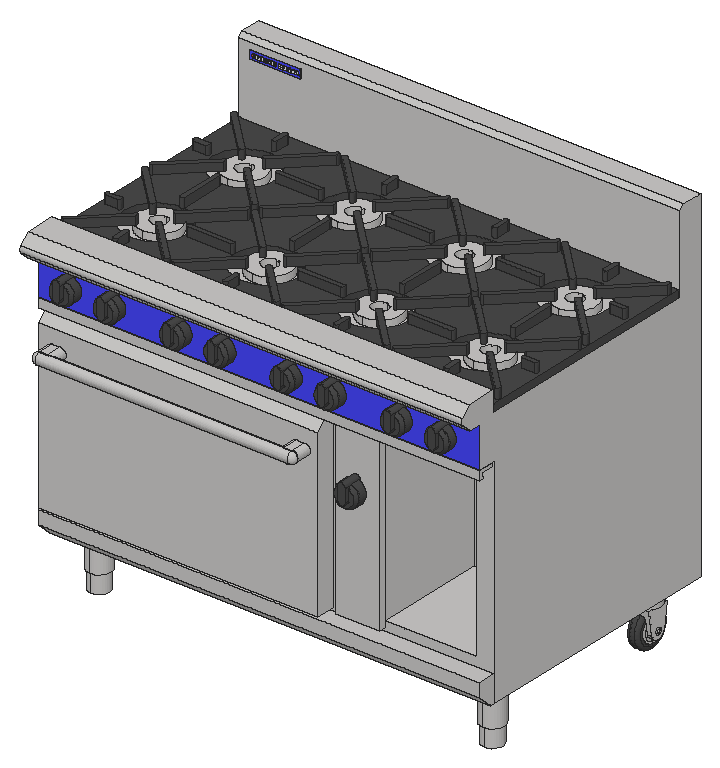
Revit family "QF_MOFFAT_BLUESEAL_CE_G508D", category Specialty Equipment, Revit 2012 (continued)
Lines and regions (mm)
  Split face 2
    outline origin (1200, 0, 1085) x (-1, 0, 0) y (0, -1, 0)
      loop
        arc (635.206, 45.185) -> (626.545, 40.185) -> (626.545, 30.185) r 10
        line (626.545, 30.185) -> (630.587, 23.185)
        arc (630.587, 23.185) -> (634.247, 19.525) -> (639.247, 18.185) r 10
        line (639.247, 18.185) -> (867.206, 18.185)
        arc (867.206, 18.185) -> (875.866, 23.185) -> (875.866, 33.185) r 10
        line (875.866, 33.185) -> (871.824, 40.185)
        arc (871.824, 40.185) -> (868.164, 43.845) -> (863.164, 45.185) r 10
        line (863.164, 45.185) -> (635.206, 45.185)
  Split face 3
    outline origin (1200, 0, 1085) x (-1, 0, 0) y (0, -1, 0)
      loop
        arc (335.206, 45.185) -> (326.545, 40.185) -> (326.545, 30.185) r 10
        line (326.545, 30.185) -> (330.587, 23.185)
        arc (330.587, 23.185) -> (334.247, 19.525) -> (339.247, 18.185) r 10
        line (339.247, 18.185) -> (567.206, 18.185)
        arc (567.206, 18.185) -> (575.866, 23.185) -> (575.866, 33.185) r 10
        line (575.866, 33.185) -> (571.824, 40.185)
        arc (571.824, 40.185) -> (568.164, 43.845) -> (563.164, 45.185) r 10
        line (563.164, 45.185) -> (335.206, 45.185)
  Split face 4
    outline origin (1200, 0, 1085) x (-1, 0, 0) y (0, -1, 0)
      loop
        arc (35.206, 45.185) -> (26.545, 40.185) -> (26.545, 30.185) r 10
        line (26.545, 30.185) -> (30.587, 23.185)
        arc (30.587, 23.185) -> (34.247, 19.525) -> (39.247, 18.185) r 10
        line (39.247, 18.185) -> (267.206, 18.185)
        arc (267.206, 18.185) -> (275.866, 23.185) -> (275.866, 33.185) r 10
        line (275.866, 33.185) -> (271.824, 40.185)
        arc (271.824, 40.185) -> (268.164, 43.845) -> (263.164, 45.185) r 10
        line (263.164, 45.185) -> (35.206, 45.185)
  symbolic lines
    curve 1: line (0, 0, 0) -> (0, -812, 0)
    curve 2: line (1200, 0, 0) -> (0, 0, 0)
    curve 3: line (1200, -812, 0) -> (1200, 0, 0)
    curve 4: line (0, -70, 0) -> (1200, -70, 0)
    curve 5: line (1200, -812, 0) -> (0, -812, 0)
    curve 6: line (1200, -708.3, 0) -> (0, -708.3, 0)
    curve 7: line (0, -705, 0) -> (1200, -705, 0)
    curve 8: line (1200, -72.734, 0) -> (0, -72.734, 0)
    curve 9: arc (22.65, -812, 0) -> (34.104, -822.278, 0) -> (48.889, -826.544, 0) r 34.455
    curve 10: line (48.889, -826.544, 0) -> (718.108, -826.544, 0)
    curve 11: arc (718.108, -826.544, 0) -> (732.653, -822.647, 0) -> (743.3, -812, 0) r 29.089
    curve 12: line (6.08, -94.387, 0) -> (121.515, -209.822, 0)
    curve 13: line (293.92, -94.387, 0) -> (178.485, -209.822, 0)
    curve 14: line (6.83, -379.864, 0) -> (121.515, -265.178, 0)
    curve 15: line (292.516, -379.21, 0) -> (178.485, -265.178, 0)
    curve 16: line (362.78, -237.81, 0) -> (237.78, -237.81, 0)
    curve 17: line (362.78, -537.81, 0) -> (237.78, -537.81, 0)
    curve 18: line (6.08, -398.155, 0) -> (121.515, -510.089, 0)
    curve 19: line (293.92, -398.155, 0) -> (178.485, -510.089, 0)
    curve 20: line (9.883, -677.078, 0) -> (121.515, -565.446, 0)
    curve 21: line (291.622, -678.583, 0) -> (178.485, -565.446, 0)
    curve 22: arc (150, -294.5, 0) -> (207, -237.5, 0) -> (150, -180.5, 0) r 57
    curve 23: arc (150, -180.5, 0) -> (93, -237.5, 0) -> (150, -294.5, 0) r 57
    curve 24: arc (150, -594.5, 0) -> (207, -537.5, 0) -> (150, -480.5, 0) r 57
    curve 25: arc (150, -480.5, 0) -> (93, -537.5, 0) -> (150, -594.5, 0) r 57
    curve 26: line (306.08, -94.387, 0) -> (421.515, -209.822, 0)
    curve 27: line (593.92, -94.387, 0) -> (478.485, -209.822, 0)
    curve 28: line (307.269, -379.424, 0) -> (421.515, -265.178, 0)
    curve 29: line (592.673, -379.366, 0) -> (478.485, -265.178, 0)
    curve 30: line (662.78, -237.81, 0) -> (537.78, -237.81, 0)
    curve 31: arc (450, -294.5, 0) -> (507, -237.5, 0) -> (450, -180.5, 0) r 57
    curve 32: arc (450, -180.5, 0) -> (393, -237.5, 0) -> (450, -294.5, 0) r 57
    curve 33: arc (750, -294.5, 0) -> (807, -237.5, 0) -> (750, -180.5, 0) r 57
    curve 34: arc (750, -180.5, 0) -> (693, -237.5, 0) -> (750, -294.5, 0) r 57
    curve 35: arc (1050, -294.5, 0) -> (1107, -237.5, 0) -> (1050, -180.5, 0) r 57
    curve 36: arc (1050, -180.5, 0) -> (993, -237.5, 0) -> (1050, -294.5, 0) r 57
    curve 37: line (606.08, -94.387, 0) -> (721.515, -209.822, 0)
    curve 38: line (893.92, -94.387, 0) -> (778.485, -209.822, 0)
    curve 39: line (607.348, -379.345, 0) -> (721.515, -265.178, 0)
    curve 40: line (893.92, -380.613, 0) -> (778.485, -265.178, 0)
    curve 41: line (962.78, -237.81, 0) -> (837.78, -237.81, 0)
    curve 42: line (906.08, -94.387, 0) -> (1021.515, -209.822, 0)
    curve 43: line (1193.92, -94.387, 0) -> (1078.485, -209.822, 0)
    curve 44: line (906.08, -380.613, 0) -> (1021.515, -265.178, 0)
    curve 45: line (1193.125, -379.818, 0) -> (1078.485, -265.178, 0)
    curve 46: line (906.08, -397.887, 0) -> (1021.392, -513.199, 0)
    curve 47: line (1193.92, -397.887, 0) -> (1079.019, -512.788, 0)
    curve 48: line (906.697, -679.996, 0) -> (1021.515, -565.178, 0)
    curve 49: line (1191.622, -678.316, 0) -> (1078.485, -565.178, 0)
    curve 50: line (306.08, -398.155, 0) -> (421.515, -510.089, 0)
    curve 51: line (593.92, -398.155, 0) -> (478.485, -510.089, 0)
    curve 52: line (308.378, -678.583, 0) -> (421.515, -565.446, 0)
    curve 53: line (593.555, -680.516, 0) -> (478.485, -565.446, 0)
    curve 54: line (606.08, -398.155, 0) -> (721.515, -510.089, 0)
    curve 55: line (893.92, -398.155, 0) -> (778.485, -510.089, 0)
    curve 56: line (607.19, -679.771, 0) -> (721.515, -565.446, 0)
    curve 57: line (893.088, -680.05, 0) -> (778.485, -565.446, 0)
    curve 58: line (149.618, -450.258, 0) -> (149.618, -325.258, 0)
    curve 59: line (449.618, -450.258, 0) -> (449.618, -325.258, 0)
    curve 60: line (749.618, -450.258, 0) -> (749.618, -325.258, 0)
    curve 61: line (1049.618, -450.258, 0) -> (1049.618, -325.258, 0)
    curve 62: line (662.78, -537.81, 0) -> (537.78, -537.81, 0)
    curve 63: line (962.78, -537.81, 0) -> (837.78, -537.81, 0)
    curve 64: line (149.197, -139.807, 0) -> (149.197, -94.807, 0)
    curve 65: line (149.197, -674.807, 0) -> (149.197, -634.807, 0)
    curve 66: line (449.197, -139.807, 0) -> (449.197, -94.807, 0)
    curve 67: line (449.197, -674.807, 0) -> (449.197, -634.807, 0)
    curve 68: line (749.197, -139.807, 0) -> (749.197, -94.807, 0)
    curve 69: line (749.197, -674.807, 0) -> (749.197, -634.807, 0)
    curve 70: line (1049.197, -139.807, 0) -> (1049.197, -94.807, 0)
    curve 71: line (1049.197, -674.807, 0) -> (1049.197, -634.807, 0)
    curve 72: line (49.678, -236.51, 0) -> (14.678, -236.51, 0)
    curve 73: line (49.678, -536.51, 0) -> (14.678, -536.51, 0)
    curve 74: arc (450, -594.5, 0) -> (507, -537.5, 0) -> (450, -480.5, 0) r 57
    curve 75: arc (450, -480.5, 0) -> (393, -537.5, 0) -> (450, -594.5, 0) r 57
    curve 76: arc (750, -480.5, 0) -> (693, -537.5, 0) -> (750, -594.5, 0) r 57
    curve 77: arc (750, -594.5, 0) -> (807, -537.5, 0) -> (750, -480.5, 0) r 57
    curve 78: arc (1050, -480.5, 0) -> (993, -537.5, 0) -> (1050, -594.5, 0) r 57
    curve 79: arc (1050, -594.5, 0) -> (1107, -537.5, 0) -> (1050, -480.5, 0) r 57
    curve 80: line (1150.322, -236.51, 0) -> (1185.322, -236.51, 0)
    curve 81: line (1150.322, -536.51, 0) -> (1185.322, -536.51, 0)
    curve 85: arc (150, -322.5, 0) -> (65, -237.5, 0) -> (150, -152.5, 0) r 85
    curve 86: arc (150, -152.5, 0) -> (235, -237.5, 0) -> (150, -322.5, 0) r 85
    curve 87: arc (450, -322.5, 0) -> (365, -237.5, 0) -> (450, -152.5, 0) r 85
    curve 88: arc (450, -152.5, 0) -> (535, -237.5, 0) -> (450, -322.5, 0) r 85
    curve 89: arc (150, -452.768, 0) -> (235, -537.768, 0) -> (150, -622.768, 0) r 85
    curve 90: arc (150, -622.768, 0) -> (65, -537.768, 0) -> (150, -452.768, 0) r 85
    curve 91: arc (450, -622.768, 0) -> (365, -537.768, 0) -> (450, -452.768, 0) r 85
    curve 92: arc (450, -452.768, 0) -> (535, -537.768, 0) -> (450, -622.768, 0) r 85
    curve 93: arc (750, -322.5, 0) -> (665, -237.5, 0) -> (750, -152.5, 0) r 85
    curve 94: arc (750, -152.5, 0) -> (835, -237.5, 0) -> (750, -322.5, 0) r 85
    curve 95: arc (1050, -322.5, 0) -> (965, -237.5, 0) -> (1050, -152.5, 0) r 85
    curve 96: arc (1050, -152.5, 0) -> (1135, -237.5, 0) -> (1050, -322.5, 0) r 85
    curve 97: arc (750, -452.768, 0) -> (835, -537.768, 0) -> (750, -622.768, 0) r 85
    curve 98: arc (750, -622.768, 0) -> (665, -537.768, 0) -> (750, -452.768, 0) r 85
    curve 99: arc (1050, -622.768, 0) -> (965, -537.768, 0) -> (1050, -452.768, 0) r 85
    curve 100: arc (1050, -452.768, 0) -> (1135, -537.768, 0) -> (1050, -622.768, 0) r 85
    curve 101: line (300.232, -72.734, 0) -> (300.232, -705, 0)
    curve 102: line (0, -390.308, 0) -> (1200, -390.308, 0)
    curve 103: line (600, -72.734, 0) -> (600, -705, 0)
    curve 104: line (900, -72.734, 0) -> (900, -705, 0)
    curve 105: arc (150, -215.5, 0) -> (172, -237.5, 0) -> (150, -259.5, 0) r 22
    curve 106: arc (150, -259.5, 0) -> (128, -237.5, 0) -> (150, -215.5, 0) r 22
    curve 107: arc (450, -215.5, 0) -> (472, -237.5, 0) -> (450, -259.5, 0) r 22
    curve 108: arc (450, -259.5, 0) -> (428, -237.5, 0) -> (450, -215.5, 0) r 22
    curve 109: arc (750, -215.5, 0) -> (772, -237.5, 0) -> (750, -259.5, 0) r 22
    curve 110: arc (750, -259.5, 0) -> (728, -237.5, 0) -> (750, -215.5, 0) r 22
    curve 111: arc (1050, -259.5, 0) -> (1028, -237.5, 0) -> (1050, -215.5, 0) r 22
    curve 112: arc (1050, -215.5, 0) -> (1072, -237.5, 0) -> (1050, -259.5, 0) r 22
    curve 113: arc (150, -515.5, 0) -> (172, -537.5, 0) -> (150, -559.5, 0) r 22
    curve 114: arc (150, -559.5, 0) -> (128, -537.5, 0) -> (150, -515.5, 0) r 22
    curve 115: arc (450, -515.5, 0) -> (472, -537.5, 0) -> (450, -559.5, 0) r 22
    curve 116: arc (450, -559.5, 0) -> (428, -537.5, 0) -> (450, -515.5, 0) r 22
    curve 117: arc (750, -515.5, 0) -> (772, -537.5, 0) -> (750, -559.5, 0) r 22
    curve 118: arc (750, -559.5, 0) -> (728, -537.5, 0) -> (750, -515.5, 0) r 22
    curve 119: arc (1050, -515.5, 0) -> (1072, -537.5, 0) -> (1050, -559.5, 0) r 22
    curve 120: arc (1050, -559.5, 0) -> (1028, -537.5, 0) -> (1050, -515.5, 0) r 22
    curve 121: line (1160.753, -18.185, 0) -> (932.794, -18.185, 0)
    curve 122: arc (932.794, -18.185, 0) -> (924.134, -23.185, 0) -> (924.134, -33.185, 0) r 10
    curve 123: line (924.134, -33.185, 0) -> (928.176, -40.185, 0)
    curve 124: arc (928.176, -40.185, 0) -> (931.836, -43.845, 0) -> (936.836, -45.185, 0) r 10
    curve 125: line (936.836, -45.185, 0) -> (1164.794, -45.185, 0)
    curve 126: arc (1164.794, -45.185, 0) -> (1173.455, -40.185, 0) -> (1173.455, -30.185, 0) r 10
    curve 127: line (1173.455, -30.185, 0) -> (1169.413, -23.185, 0)
    curve 128: arc (1169.413, -23.185, 0) -> (1165.753, -19.525, 0) -> (1160.753, -18.185, 0) r 10
    curve 129: line (632.794, -18.185, 0) -> (860.753, -18.185, 0)
    curve 130: arc (860.753, -18.185, 0) -> (865.753, -19.525, 0) -> (869.413, -23.185, 0) r 10
    curve 131: line (869.413, -23.185, 0) -> (873.455, -30.185, 0)
    curve 132: arc (873.455, -30.185, 0) -> (873.455, -40.185, 0) -> (864.794, -45.185, 0) r 10
    curve 133: line (864.794, -45.185, 0) -> (636.836, -45.185, 0)
    curve 134: arc (636.836, -45.185, 0) -> (631.836, -43.845, 0) -> (628.176, -40.185, 0) r 10
    curve 135: line (628.176, -40.185, 0) -> (624.134, -33.185, 0)
    curve 136: arc (624.134, -33.185, 0) -> (624.134, -23.185, 0) -> (632.794, -18.185, 0) r 10
    curve 137: line (332.794, -18.185, 0) -> (560.753, -18.185, 0)
    curve 138: arc (560.753, -18.185, 0) -> (565.753, -19.525, 0) -> (569.413, -23.185, 0) r 10
    curve 139: line (569.413, -23.185, 0) -> (573.455, -30.185, 0)
    curve 140: arc (573.455, -30.185, 0) -> (573.455, -40.185, 0) -> (564.794, -45.185, 0) r 10
    curve 141: line (564.794, -45.185, 0) -> (336.836, -45.185, 0)
    curve 142: arc (336.836, -45.185, 0) -> (331.836, -43.845, 0) -> (328.176, -40.185, 0) r 10
    curve 143: line (328.176, -40.185, 0) -> (324.134, -33.185, 0)
    curve 144: arc (324.134, -33.185, 0) -> (324.134, -23.185, 0) -> (332.794, -18.185, 0) r 10
    curve 145: line (260.753, -18.185, 0) -> (32.794, -18.185, 0)
    curve 146: arc (32.794, -18.185, 0) -> (24.134, -23.185, 0) -> (24.134, -33.185, 0) r 10
    curve 147: line (24.134, -33.185, 0) -> (28.176, -40.185, 0)
    curve 148: arc (28.176, -40.185, 0) -> (31.836, -43.845, 0) -> (36.836, -45.185, 0) r 10
    curve 149: line (36.836, -45.185, 0) -> (264.794, -45.185, 0)
    curve 150: arc (264.794, -45.185, 0) -> (273.455, -40.185, 0) -> (273.455, -30.185, 0) r 10
    curve 151: line (273.455, -30.185, 0) -> (269.413, -23.185, 0)
    curve 152: arc (269.413, -23.185, 0) -> (265.753, -19.525, 0) -> (260.753, -18.185, 0) r 10
    curve 153: line (0, -57.5, 0) -> (1200, -57.5, 0)
    curve 154: line (0, -783.97, 0) -> (1200, -783.97, 0)
  symbolic lines, style "QF_Door-Drawer Clearances", visible <- "Show Clearance"
    curve 82: line (0, -1218.847, 0) -> (760, -1218.847, 0)
    curve 83: line (760, -1218.847, 0) -> (760, -812, 0)
    curve 84: line (0, -1218.847, 0) -> (0, -812, 0)
Dimensions and locks
  equal spacing: plane 3 "LEFT", plane 7 "Center Y", plane 4 "RIGHT"
  "Width": plane 3 "LEFT" to plane 4 "RIGHT"
  equal spacing: plane 5 "FRONT", plane 8 "Center X", plane 1 "BACK"
  plane 5 "FRONT" to plane 1 "BACK" = 812 mm  (x2)
  equal spacing: plane 4 "RIGHT", plane 7 "Center Y", plane 3 "LEFT"
  plane 4 "RIGHT" to plane 3 "LEFT" = 1200 mm
  "Height": plane 6 "TOP" to level
  plane 10 to plane 1 "BACK" = 574.272 mm
  plane 12 to plane 1 "BACK" = 304.972 mm  (x2)
  plane 11 to plane 3 "LEFT" = 60 mm
  plane 14 to plane 3 "LEFT" = 74 mm
  plane 9 to plane 3 "LEFT" = 280 mm
  "Depth": plane 1 "BACK" to plane 15
  plane 5 "FRONT" to plane 15 = 0 mm
  plane 6 "TOP" to plane 2 = 970 mm
  locked: plane 2 to Extrusion 1 sketch curve at 861.8
  locked: plane 2 to Extrusion 1 sketch curve at 915
  locked: plane 4 "RIGHT" to plane 16 at 65.5
  Extrusion 8 sketch curve to plane 20 = 64.8 mm
  plane 21 to level = 1085 mm
  Revolve 36 sketch curve to Revolve 36 sketch curve = 50.8 mm
  Revolve 40 sketch curve to Revolve 40 sketch curve = 50.8 mm
  aligned and locked: level to plane 2
  aligned and locked: curve 3 to plane 4 "RIGHT"
  aligned and locked: Extrusion 1 to plane 4 "RIGHT"
  aligned and locked: plane 16 to Revolve 4
  aligned and locked: plane 4 "RIGHT" to Extrusion 8 sketch curve
  aligned and locked: Extrusion 28 to Extrusion 2
Automatic sketch dimensions
  Extrusion 2 sketch curve to Extrusion 2 sketch curve = 24 mm  (x2)
  Extrusion 2 sketch curve to Extrusion 2 sketch curve = 50 mm
  level to Extrusion 2 sketch curve = 227.5 mm
  Extrusion 3 sketch curve to Extrusion 3 sketch curve = 15 mm
  level to Extrusion 3 sketch curve = 227.5 mm
  Revolve 4 sketch curve to level = 0 mm
  Revolve 4 sketch curve to plane 10 = 82.478 mm
  Revolve 4 sketch curve to Revolve 4 sketch curve = 4.25 mm
  Revolve 4 sketch curve to Revolve 4 sketch curve = 27.5 mm  (x2)
  level to Revolve 4 sketch curve = 50 mm
  Revolve 4 sketch curve to Revolve 4 sketch curve = 0 mm
  Revolve 4 sketch curve to Revolve 4 sketch curve = 100 mm
  Revolve 4 sketch curve to Revolve 4 sketch curve = 55 mm
  Revolve 5 sketch curve to level = 0 mm
  Revolve 5 sketch curve to plane 10 = 82.478 mm
  Revolve 5 sketch curve to Revolve 5 sketch curve = 4.25 mm
  Revolve 5 sketch curve to Revolve 5 sketch curve = 27.5 mm  (x2)
  Revolve 5 sketch curve to level = 55 mm
  Revolve 5 sketch curve to Revolve 5 sketch curve = 50 mm
  Revolve 5 sketch curve to Revolve 5 sketch curve = 0 mm
  Revolve 5 sketch curve to Revolve 5 sketch curve = 100 mm
  plane 17 to Extrusion 6 sketch curve = 0 mm
  Extrusion 6 sketch curve to plane 16 = 64.5 mm
  Revolve 10 sketch curve to plane 5 "FRONT" = 19 mm
  Revolve 10 sketch curve to Revolve 10 sketch curve = 0 mm  (x2)
  Revolve 10 sketch curve to Revolve 10 sketch curve = 11 mm
  Revolve 10 sketch curve to Revolve 10 sketch curve = 12.7 mm
  Revolve 10 sketch curve to Revolve 10 sketch curve = 23 mm
  Revolve 10 sketch curve to Revolve 10 sketch curve = 10 mm
  plane 18 to Revolve 10 sketch curve = 141.882 mm
  Revolve 10 sketch curve to Revolve 10 sketch curve = 5 mm
  Revolve 10 sketch curve to Revolve 10 sketch curve = 26.651 mm
  Revolve 10 sketch curve to Revolve 10 sketch curve = 5.849 mm
  Revolve 11 sketch curve to plane 5 "FRONT" = 19 mm
  Revolve 11 sketch curve to Revolve 11 sketch curve = 0 mm  (x2)
  Revolve 11 sketch curve to Revolve 11 sketch curve = 11 mm
  Revolve 11 sketch curve to Revolve 11 sketch curve = 12.7 mm
  Revolve 11 sketch curve to Revolve 11 sketch curve = 23 mm
  Revolve 11 sketch curve to Revolve 11 sketch curve = 10 mm
  plane 18 to Revolve 11 sketch curve = 141.882 mm
  Revolve 11 sketch curve to Revolve 11 sketch curve = 5 mm
  Revolve 11 sketch curve to Revolve 11 sketch curve = 26.651 mm
  Revolve 11 sketch curve to Revolve 11 sketch curve = 5.849 mm
  Revolve 12 sketch curve to plane 5 "FRONT" = 19 mm
  Revolve 12 sketch curve to Revolve 12 sketch curve = 0 mm  (x2)
  Revolve 12 sketch curve to Revolve 12 sketch curve = 11 mm
  Revolve 12 sketch curve to Revolve 12 sketch curve = 12.7 mm
  Revolve 12 sketch curve to Revolve 12 sketch curve = 23 mm
  Revolve 12 sketch curve to Revolve 12 sketch curve = 10 mm
  plane 18 to Revolve 12 sketch curve = 174.382 mm
  Revolve 12 sketch curve to Revolve 12 sketch curve = 5.849 mm
  Revolve 12 sketch curve to Revolve 12 sketch curve = 27.5 mm
  Revolve 12 sketch curve to Revolve 12 sketch curve = 5 mm
  Revolve 13 sketch curve to plane 5 "FRONT" = 19 mm
  Revolve 13 sketch curve to Revolve 13 sketch curve = 0 mm  (x2)
  Revolve 13 sketch curve to Revolve 13 sketch curve = 11 mm
  Revolve 13 sketch curve to Revolve 13 sketch curve = 12.7 mm
  Revolve 13 sketch curve to Revolve 13 sketch curve = 23 mm
  Revolve 13 sketch curve to Revolve 13 sketch curve = 10 mm
  plane 18 to Revolve 13 sketch curve = 174.382 mm
  Revolve 13 sketch curve to Revolve 13 sketch curve = 5.849 mm
  Revolve 13 sketch curve to Revolve 13 sketch curve = 27.5 mm
  Revolve 13 sketch curve to Revolve 13 sketch curve = 5 mm
  Revolve 14 sketch curve to plane 5 "FRONT" = 19 mm
  Revolve 14 sketch curve to Revolve 14 sketch curve = 0 mm  (x2)
  Revolve 14 sketch curve to Revolve 14 sketch curve = 11 mm
  Revolve 14 sketch curve to Revolve 14 sketch curve = 12.7 mm
  Revolve 14 sketch curve to Revolve 14 sketch curve = 23 mm
  Revolve 14 sketch curve to Revolve 14 sketch curve = 10 mm
  plane 18 to Revolve 14 sketch curve = 174.382 mm
  Revolve 14 sketch curve to Revolve 14 sketch curve = 5.849 mm
  Revolve 14 sketch curve to Revolve 14 sketch curve = 27.5 mm
  Revolve 14 sketch curve to Revolve 14 sketch curve = 5 mm
  Revolve 15 sketch curve to plane 5 "FRONT" = 19 mm
  Revolve 15 sketch curve to Revolve 15 sketch curve = 0 mm  (x2)
  Revolve 15 sketch curve to Revolve 15 sketch curve = 11 mm
  Revolve 15 sketch curve to Revolve 15 sketch curve = 12.7 mm
  Revolve 15 sketch curve to Revolve 15 sketch curve = 23 mm
  Revolve 15 sketch curve to Revolve 15 sketch curve = 10 mm
  plane 18 to Revolve 15 sketch curve = 174.382 mm
  Revolve 15 sketch curve to Revolve 15 sketch curve = 5.849 mm
  Revolve 15 sketch curve to Revolve 15 sketch curve = 27.5 mm
  Revolve 15 sketch curve to Revolve 15 sketch curve = 5 mm
  Revolve 16 sketch curve to plane 5 "FRONT" = 19 mm
  Revolve 16 sketch curve to Revolve 16 sketch curve = 0 mm  (x2)
  Revolve 16 sketch curve to Revolve 16 sketch curve = 11 mm
  Revolve 16 sketch curve to Revolve 16 sketch curve = 12.7 mm
  Revolve 16 sketch curve to Revolve 16 sketch curve = 23 mm
  Revolve 16 sketch curve to Revolve 16 sketch curve = 10 mm
  plane 18 to Revolve 16 sketch curve = 141.882 mm
  Revolve 16 sketch curve to Revolve 16 sketch curve = 5 mm
  Revolve 16 sketch curve to Revolve 16 sketch curve = 26.651 mm
  Revolve 16 sketch curve to Revolve 16 sketch curve = 5.849 mm
  Revolve 17 sketch curve to plane 5 "FRONT" = 19 mm
  Revolve 17 sketch curve to Revolve 17 sketch curve = 0 mm  (x2)
  Revolve 17 sketch curve to Revolve 17 sketch curve = 11 mm
  Revolve 17 sketch curve to Revolve 17 sketch curve = 12.7 mm
  Revolve 17 sketch curve to Revolve 17 sketch curve = 23 mm
  Revolve 17 sketch curve to Revolve 17 sketch curve = 10 mm
  plane 18 to Revolve 17 sketch curve = 141.882 mm
  Revolve 17 sketch curve to Revolve 17 sketch curve = 5 mm
  Revolve 17 sketch curve to Revolve 17 sketch curve = 26.651 mm
  Revolve 17 sketch curve to Revolve 17 sketch curve = 5.849 mm
  plane 14 to Extrusion 18 sketch curve = 26.156 mm
  plane 14 to Extrusion 18 sketch curve = 16.156 mm
  plane 18 to Extrusion 18 sketch curve = 168.882 mm
  Extrusion 18 sketch curve to Extrusion 18 sketch curve = 35 mm
  Extrusion 19 sketch curve to plane 9 = 59.844 mm
  Extrusion 19 sketch curve to Extrusion 19 sketch curve = 10 mm
  plane 18 to Extrusion 19 sketch curve = 168.882 mm
  Extrusion 19 sketch curve to Extrusion 19 sketch curve = 35 mm
  plane 9 to Extrusion 20 sketch curve = 120.132 mm
  Extrusion 20 sketch curve to Extrusion 20 sketch curve = 10 mm
  plane 18 to Extrusion 20 sketch curve = 168.882 mm
  Extrusion 20 sketch curve to Extrusion 20 sketch curve = 35 mm
  Extrusion 21 sketch curve to plane 7 "Center Y" = 79.868 mm
  Extrusion 21 sketch curve to Extrusion 21 sketch curve = 10 mm
  plane 18 to Extrusion 21 sketch curve = 168.882 mm
  Extrusion 21 sketch curve to Extrusion 21 sketch curve = 35 mm
  plane 7 "Center Y" to Extrusion 22 sketch curve = 100.108 mm
  Extrusion 22 sketch curve to Extrusion 22 sketch curve = 10 mm
  plane 18 to Extrusion 22 sketch curve = 168.882 mm
  Extrusion 22 sketch curve to Extrusion 22 sketch curve = 35 mm
  plane 7 "Center Y" to Extrusion 23 sketch curve = 220.108 mm
  Extrusion 23 sketch curve to Extrusion 23 sketch curve = 10 mm
  plane 18 to Extrusion 23 sketch curve = 168.882 mm
  Extrusion 23 sketch curve to Extrusion 23 sketch curve = 35 mm
  Extrusion 24 sketch curve to plane 16 = 134.417 mm
  Extrusion 24 sketch curve to Extrusion 24 sketch curve = 10 mm
  plane 18 to Extrusion 24 sketch curve = 168.882 mm
  Extrusion 24 sketch curve to Extrusion 24 sketch curve = 35 mm
  Extrusion 25 sketch curve to plane 16 = 14.417 mm
  Extrusion 25 sketch curve to Extrusion 25 sketch curve = 10 mm
  plane 18 to Extrusion 25 sketch curve = 168.882 mm
  Extrusion 25 sketch curve to Extrusion 25 sketch curve = 35 mm
  Revolve 26 sketch curve to plane 5 "FRONT" = 54.5 mm
  Revolve 26 sketch curve to Revolve 26 sketch curve = 0 mm  (x2)
  Revolve 26 sketch curve to Revolve 26 sketch curve = 11 mm
  Revolve 26 sketch curve to Revolve 26 sketch curve = 12.7 mm
  Revolve 26 sketch curve to Revolve 26 sketch curve = 23 mm
  Revolve 26 sketch curve to Revolve 26 sketch curve = 10 mm
  Revolve 26 sketch curve to plane 18 = 104.368 mm
  Revolve 26 sketch curve to Revolve 26 sketch curve = 5 mm
  Revolve 26 sketch curve to Revolve 26 sketch curve = 26.651 mm
  Revolve 26 sketch curve to Revolve 26 sketch curve = 5.849 mm
  plane 7 "Center Y" to Extrusion 27 sketch curve = 227.344 mm
  Extrusion 27 sketch curve to Extrusion 27 sketch curve = 10 mm
  Extrusion 27 sketch curve to plane 18 = 112.368 mm
  Extrusion 27 sketch curve to Extrusion 27 sketch curve = 35 mm
  Extrusion 7 sketch curve to Extrusion 1 = 50 mm
  Extrusion 1 to Extrusion 7 sketch curve = 60.219 mm
  Extrusion 1 to Extrusion 7 sketch curve = 96 mm
  Extrusion 7 sketch curve to Extrusion 7 sketch curve = 250 mm
  Extrusion 9 sketch curve to plane 17 = 61.602 mm  (x5)
  Extrusion 9 sketch curve to Extrusion 9 sketch curve = 0 mm  (x23)
  plane 3 "LEFT" to Extrusion 9 sketch curve = 15.153 mm
  Extrusion 9 sketch curve to plane 7 "Center Y" = 15.153 mm  (x2)
  plane 7 "Center Y" to Extrusion 9 sketch curve = 15.153 mm
  plane 4 "RIGHT" to Extrusion 9 sketch curve = 15.153 mm  (x2)
  plane 9 to Extrusion 9 sketch curve = 4.847 mm  (x3)
  Extrusion 9 sketch curve to Extrusion 9 sketch curve = 4.525 mm  (x48)
  Extrusion 9 sketch curve to plane 17 = 67.398 mm  (x4)
  Extrusion 9 sketch curve to Extrusion 9 sketch curve = 36.204 mm  (x8)
  Extrusion 9 sketch curve to Extrusion 9 sketch curve = 65.923 mm  (x4)
  plane 3 "LEFT" to Extrusion 9 sketch curve = 16.591 mm  (x2)
  plane 12 to Extrusion 9 sketch curve = 74.863 mm  (x2)
  plane 4 "RIGHT" to Extrusion 9 sketch curve = 15.648 mm  (x2)
  Extrusion 9 sketch curve to Extrusion 9 sketch curve = 20.524 mm  (x13)
  Extrusion 9 sketch curve to Extrusion 9 sketch curve = 6.4 mm  (x22)
  plane 12 to Extrusion 9 sketch curve = 40.548 mm  (x8)
  Extrusion 9 sketch curve to plane 12 = 24.426 mm  (x4)
  Extrusion 9 sketch curve to plane 13 = 7.374 mm  (x8)
  plane 8 "Center X" to Extrusion 9 sketch curve = 8.898 mm  (x8)
  plane 8 "Center X" to Extrusion 9 sketch curve = 4.372 mm  (x8)
  Extrusion 9 sketch curve to plane 8 "Center X" = 43.102 mm  (x4)
  Extrusion 9 sketch curve to Extrusion 9 sketch curve = 55.923 mm  (x12)
  plane 10 to Extrusion 9 sketch curve = 43.646 mm  (x2)
  Extrusion 9 sketch curve to plane 11 = 9.416 mm  (x2)
  plane 10 to Extrusion 9 sketch curve = 43.172 mm  (x3)
  plane 10 to Extrusion 9 sketch curve = 9.848 mm  (x8)
  plane 10 to Extrusion 9 sketch curve = 5.323 mm  (x8)
  Extrusion 9 sketch curve to plane 10 = 65.126 mm  (x4)
  plane 9 to Extrusion 9 sketch curve = 13.898 mm
  Extrusion 9 sketch curve to plane 10 = 98.074 mm  (x5)
  plane 7 "Center Y" to Extrusion 9 sketch curve = 6.102 mm  (x3)
  plane 4 "RIGHT" to Extrusion 9 sketch curve = 6.102 mm
  plane 9 to Extrusion 9 sketch curve = 26.102 mm
  Extrusion 9 sketch curve to plane 7 "Center Y" = 6.102 mm
  plane 3 "LEFT" to Extrusion 9 sketch curve = 6.102 mm  (x3)
  plane 14 to Extrusion 9 sketch curve = 40.025 mm  (x4)
  plane 14 to Extrusion 9 sketch curve = 69.6 mm
  Extrusion 9 sketch curve to Extrusion 9 sketch curve = 53.847 mm  (x16)
  Extrusion 9 sketch curve to plane 9 = 38.102 mm  (x2)
  Extrusion 9 sketch curve to Extrusion 9 sketch curve = 12.205 mm  (x7)
  plane 9 to Extrusion 9 sketch curve = 78.102 mm  (x2)
  Extrusion 9 sketch curve to plane 7 "Center Y" = 58.102 mm  (x2)
  plane 7 "Center Y" to Extrusion 9 sketch curve = 58.102 mm  (x2)
  Extrusion 9 sketch curve to Extrusion 9 sketch curve = 128.447 mm  (x3)
  Extrusion 9 sketch curve to Extrusion 9 sketch curve = 116.204 mm  (x2)
  Extrusion 9 sketch curve to plane 16 = 90.9 mm
  plane 16 to Extrusion 9 sketch curve = 15.859 mm  (x2)
  Extrusion 28 sketch curve to Extrusion 2 = 0 mm  (x2)
  Extrusion 28 sketch curve to Extrusion 28 sketch curve = 469.847 mm
  Extrusion 29 sketch curve to plane 16 = 0.512 mm
  Extrusion 29 sketch curve to Extrusion 29 sketch curve = 81 mm
  Extrusion 29 sketch curve to plane 17 = 6.76 mm
  Extrusion 29 sketch curve to Extrusion 29 sketch curve = 48.5 mm
  Extrusion 29 sketch curve to plane 1 "BACK" = 30.24 mm
  Extrusion 29 sketch curve to plane 17 = 55.26 mm
  Extrusion 3 sketch curve to plane 5 "FRONT" = 98 mm
  plane 18 to Extrusion 3 sketch curve = 45 mm
  Extrusion 30 sketch curve to plane 11 = 1.472 mm
  Extrusion 30 sketch curve to plane 18 = 46.875 mm  (x2)
  Extrusion 30 sketch curve to Extrusion 30 sketch curve = 15 mm  (x2)
  plane 7 "Center Y" to Extrusion 30 sketch curve = 102.757 mm
  Extrusion 30 sketch curve to Extrusion 30 sketch curve = 20.282 mm  (x2)
  Revolve 31 sketch curve to plane 3 "LEFT" = 6.961 mm
  plane 3 "LEFT" to Revolve 31 sketch curve = 23.246 mm
  Revolve 31 sketch curve to plane 18 = 16.875 mm
  Revolve 31 sketch curve to Revolve 31 sketch curve = 15 mm
  Revolve 31 sketch curve to plane 7 "Center Y" = 11.961 mm
  plane 7 "Center Y" to Revolve 31 sketch curve = 123.039 mm
  Revolve 31 sketch curve to Revolve 31 sketch curve = 0 mm
  Extrusion 32 sketch curve to Extrusion 32 sketch curve = 0 mm  (x17)
  Extrusion 1 to Extrusion 32 sketch curve = 167.5 mm  (x4)
  Extrusion 32 sketch curve to Extrusion 1 = 178.5 mm  (x4)
  Extrusion 1 to Extrusion 32 sketch curve = 150 mm  (x4)
  Extrusion 32 sketch curve to Extrusion 32 sketch curve = 300 mm  (x3)
  curve 22 to curve 106 = 0 mm
  curve 23 to curve 85 = 0 mm
  curve 23 to curve 86 = 0 mm
  curve 24 to curve 113 = 0 mm
  curve 24 to curve 114 = 0 mm
  curve 31 to curve 107 = 0 mm
  curve 32 to curve 88 = 0 mm  (x2)
  curve 33 to curve 93 = 0 mm
  curve 34 to curve 94 = 0 mm
  curve 34 to curve 109 = 0 mm
  curve 35 to curve 95 = 0 mm
  curve 36 to curve 95 = 0 mm
  curve 36 to curve 111 = 0 mm
  curve 75 to curve 116 = 0 mm  (x2)
  curve 77 to curve 117 = 0 mm
  curve 77 to curve 118 = 0 mm
  curve 78 to curve 119 = 0 mm
  curve 79 to curve 120 = 0 mm
  curve 85 to curve 106 = 0 mm
  curve 87 to curve 108 = 0 mm
  curve 94 to curve 110 = 0 mm
  curve 95 to curve 112 = 0 mm
  plane 1 "BACK" to curve 1 = 0 mm
  curve 1 to plane 3 "LEFT" = 0 mm
  plane 5 "FRONT" to curve 9 = 0 mm
  plane 22 to curve 101 = 0 mm
  curve 103 to plane 7 "Center Y" = 0 mm
  plane 3 "LEFT" to curve 12 = 6.08 mm
  plane 3 "LEFT" to curve 18 = 6.08 mm
  plane 3 "LEFT" to curve 14 = 6.83 mm
  plane 3 "LEFT" to curve 20 = 9.883 mm
  plane 3 "LEFT" to curve 73 = 14.678 mm
  plane 3 "LEFT" to curve 72 = 14.678 mm
  plane 3 "LEFT" to curve 9 = 22.65 mm
  curve 10 to plane 11 = 11.111 mm
  curve 72 to plane 11 = 10.322 mm
  curve 73 to plane 11 = 10.322 mm
  curve 9 to plane 11 = 9.192 mm
  plane 14 to curve 12 = 47.515 mm
  plane 14 to curve 18 = 47.515 mm
  plane 14 to curve 14 = 47.515 mm
  plane 10 to curve 20 = 8.826 mm
  plane 14 to curve 20 = 47.515 mm
  curve 65 to plane 22 = 30.193 mm
  plane 14 to curve 65 = 75.197 mm
  plane 14 to curve 64 = 75.197 mm
  curve 18 to curve 58 = 28.103 mm
  plane 10 to curve 113 = 14.772 mm
  curve 20 to curve 113 = 28.485 mm
  curve 12 to curve 105 = 28.485 mm
  curve 58 to curve 90 = 0.382 mm
  plane 12 to curve 15 = 39.794 mm
  curve 105 to curve 15 = 28.485 mm
  curve 105 to curve 13 = 28.485 mm
  curve 113 to curve 19 = 28.485 mm
  plane 10 to curve 21 = 8.826 mm
  curve 114 to curve 21 = 28.485 mm
  curve 17 to plane 9 = 42.22 mm
  curve 16 to plane 9 = 42.22 mm
  plane 9 to curve 21 = 11.622 mm
  plane 9 to curve 15 = 12.516 mm
  plane 9 to curve 19 = 13.92 mm
  plane 9 to curve 13 = 13.92 mm
  plane 9 to curve 101 = 20.232 mm
  curve 13 to curve 26 = 12.16 mm
  plane 8 "Center X" to curve 50 = 7.845 mm
  curve 19 to curve 50 = 12.16 mm
  curve 15 to curve 28 = 14.753 mm
  curve 21 to curve 52 = 16.756 mm
  plane 9 to curve 16 = 82.78 mm
  plane 10 to curve 17 = 36.462 mm
  plane 9 to curve 17 = 82.78 mm
  plane 10 to curve 52 = 8.826 mm
  curve 17 to curve 52 = 58.735 mm
  curve 16 to curve 26 = 58.735 mm
  plane 12 to curve 28 = 39.794 mm
  curve 28 to curve 26 = 0 mm
  plane 10 to curve 50 = 64.183 mm
  curve 50 to curve 52 = 0 mm
  curve 26 to curve 66 = 27.682 mm
  curve 52 to curve 67 = 27.682 mm
  curve 59 to plane 12 = 20.285 mm
  curve 28 to curve 59 = 28.103 mm
  plane 10 to curve 115 = 14.772 mm
  curve 52 to curve 115 = 28.485 mm
  curve 26 to curve 108 = 28.485 mm
  curve 67 to curve 92 = 0.803 mm
  curve 115 to curve 51 = 28.485 mm
  plane 10 to curve 53 = 8.826 mm
  curve 115 to curve 53 = 28.485 mm
  plane 12 to curve 29 = 39.794 mm
  curve 107 to curve 29 = 28.485 mm
  curve 108 to curve 27 = 28.485 mm
  curve 62 to plane 7 "Center Y" = 62.22 mm
  curve 30 to plane 7 "Center Y" = 62.22 mm
  curve 29 to plane 7 "Center Y" = 7.327 mm
  curve 53 to plane 7 "Center Y" = 6.445 mm
  curve 27 to plane 7 "Center Y" = 6.08 mm
  curve 51 to plane 7 "Center Y" = 6.08 mm
  plane 7 "Center Y" to curve 37 = 6.08 mm
  plane 7 "Center Y" to curve 54 = 6.08 mm
  plane 7 "Center Y" to curve 56 = 7.19 mm
  plane 7 "Center Y" to curve 39 = 7.348 mm
  plane 7 "Center Y" to curve 30 = 62.78 mm
  plane 7 "Center Y" to curve 62 = 62.78 mm
  curve 11 to plane 5 "FRONT" = 14.544 mm
  plane 7 "Center Y" to curve 11 = 118.108 mm
  plane 10 to curve 56 = 8.826 mm
  curve 62 to curve 56 = 58.735 mm
  curve 54 to curve 56 = 0 mm
  plane 12 to curve 39 = 39.794 mm
  curve 30 to curve 39 = 58.735 mm
  curve 37 to curve 39 = 0 mm
  curve 11 to curve 11 = 25.191 mm
  curve 56 to curve 69 = 27.682 mm
  curve 37 to curve 68 = 27.682 mm
  curve 54 to curve 60 = 28.103 mm
  curve 54 to curve 77 = 28.485 mm
  curve 60 to curve 98 = 0.382 mm
  curve 39 to curve 109 = 28.485 mm
  plane 7 "Center Y" to curve 82 = 160 mm
  plane 10 to curve 55 = 64.183 mm
  curve 118 to curve 55 = 28.485 mm
  plane 12 to curve 40 = 39.794 mm
  curve 109 to curve 40 = 28.485 mm
  curve 109 to curve 38 = 28.485 mm
  plane 10 to curve 57 = 8.826 mm
  curve 118 to curve 57 = 28.485 mm
  curve 57 to curve 63 = 59.295 mm
  curve 40 to curve 41 = 59.295 mm
  curve 57 to plane 22 = 24.95 mm
  curve 69 to curve 57 = 143.891 mm
  plane 8 "Center X" to curve 55 = 7.845 mm
  curve 63 to curve 55 = 56.14 mm
  curve 40 to plane 13 = 15.641 mm
  curve 40 to curve 55 = 0 mm
  curve 38 to plane 17 = 62.387 mm
  curve 68 to curve 38 = 144.723 mm
  curve 38 to curve 104 = 6.08 mm
  curve 42 to plane 17 = 62.387 mm
  curve 38 to curve 42 = 12.16 mm
  curve 44 to plane 13 = 15.641 mm
  curve 40 to curve 44 = 12.16 mm
  plane 8 "Center X" to curve 46 = 8.113 mm
  curve 55 to curve 46 = 12.16 mm
  curve 48 to plane 22 = 25.004 mm
  curve 57 to curve 48 = 13.609 mm
  curve 41 to curve 41 = 125 mm
  plane 10 to curve 63 = 36.462 mm
  curve 63 to curve 63 = 125 mm
  curve 63 to curve 46 = 58.612 mm
  plane 10 to curve 48 = 9.094 mm
  curve 46 to curve 48 = 0.123 mm
  curve 41 to curve 42 = 58.735 mm
  plane 12 to curve 44 = 39.794 mm
  curve 44 to curve 42 = 0 mm
  curve 71 to plane 22 = 30.193 mm
  curve 71 to plane 16 = 85.303 mm
  curve 42 to curve 70 = 27.682 mm
  curve 61 to plane 12 = 20.285 mm
  curve 44 to curve 61 = 28.103 mm
  curve 71 to curve 100 = 0.803 mm
  curve 78 to curve 99 = 0 mm
  curve 61 to curve 96 = 0.382 mm
  curve 111 to curve 43 = 28.485 mm
  plane 10 to curve 49 = 9.094 mm
  curve 119 to curve 49 = 28.485 mm
  curve 111 to curve 45 = 28.485 mm
  curve 119 to curve 47 = 29.019 mm
  plane 16 to curve 80 = 15.822 mm
  plane 16 to curve 81 = 15.822 mm
  plane 4 "RIGHT" to curve 80 = 14.678 mm
  plane 4 "RIGHT" to curve 81 = 14.678 mm
  plane 4 "RIGHT" to curve 49 = 8.378 mm
  plane 4 "RIGHT" to curve 45 = 6.875 mm
  plane 4 "RIGHT" to curve 43 = 6.08 mm
  plane 4 "RIGHT" to curve 47 = 6.08 mm
  curve 82 to curve 10 = 392.303 mm
  plane 22 to curve 6 = 3.3 mm
  curve 53 to plane 22 = 24.484 mm
  curve 53 to curve 56 = 0.745 mm
  curve 21 to plane 22 = 26.417 mm
  curve 21 to curve 52 = 0 mm
  curve 49 to plane 22 = 26.684 mm
  curve 20 to plane 22 = 27.922 mm
  curve 69 to plane 22 = 30.193 mm
  curve 67 to plane 22 = 30.193 mm
  curve 67 to curve 67 = 40 mm
  curve 69 to curve 69 = 40 mm
  curve 71 to curve 71 = 40 mm
  curve 65 to curve 65 = 40 mm
  curve 69 to curve 98 = 12.039 mm
  curve 67 to curve 92 = 12.039 mm
  curve 65 to curve 90 = 12.039 mm
  curve 71 to curve 99 = 12.039 mm
  curve 75 to plane 10 = 20.228 mm
  curve 76 to plane 10 = 20.228 mm
  curve 24 to plane 10 = 20.228 mm
  curve 78 to plane 10 = 20.228 mm
  plane 10 to curve 119 = 14.772 mm
  plane 10 to curve 117 = 14.772 mm
  plane 10 to curve 62 = 36.462 mm
  curve 119 to curve 99 = 21.732 mm
  curve 113 to curve 90 = 21.732 mm
  curve 115 to curve 92 = 21.732 mm
  curve 117 to curve 97 = 21.732 mm
  curve 91 to curve 75 = 0.268 mm
  curve 99 to curve 79 = 0.268 mm
  curve 97 to curve 76 = 0.268 mm
  curve 89 to curve 113 = 0.268 mm
  plane 10 to curve 73 = 37.763 mm
  plane 10 to curve 81 = 37.763 mm
  curve 119 to curve 46 = 2.301 mm
  curve 119 to curve 47 = 2.712 mm
  curve 113 to curve 18 = 5.411 mm
  curve 117 to curve 54 = 5.411 mm
  curve 113 to curve 19 = 5.411 mm
  curve 115 to curve 51 = 5.411 mm
  curve 99 to curve 61 = 2.51 mm
  curve 91 to curve 59 = 2.51 mm
  curve 97 to curve 60 = 2.51 mm
  curve 89 to curve 58 = 2.51 mm
  plane 8 "Center X" to curve 18 = 7.845 mm
  plane 8 "Center X" to curve 54 = 7.845 mm
  plane 8 "Center X" to curve 51 = 7.845 mm
  plane 8 "Center X" to curve 19 = 7.845 mm
  plane 8 "Center X" to curve 47 = 8.113 mm
  curve 47 to curve 102 = 7.578 mm
  curve 102 to curve 14 = 10.445 mm
  curve 102 to curve 45 = 10.49 mm
  curve 28 to plane 13 = 14.452 mm
  curve 29 to plane 13 = 14.394 mm
  curve 39 to plane 13 = 14.373 mm
  curve 15 to plane 13 = 14.238 mm
  curve 58 to plane 12 = 20.285 mm
  curve 60 to plane 12 = 20.285 mm
  curve 59 to curve 88 = 2.758 mm
  curve 61 to curve 96 = 2.758 mm
  curve 60 to curve 94 = 2.758 mm
  curve 58 to curve 86 = 2.758 mm
  plane 12 to curve 34 = 10.472 mm
  plane 12 to curve 32 = 10.472 mm
  plane 12 to curve 36 = 10.472 mm
  plane 12 to curve 22 = 10.472 mm
  plane 12 to curve 45 = 39.794 mm
  plane 12 to curve 14 = 39.794 mm
  curve 45 to curve 112 = 5.678 mm
  curve 29 to curve 108 = 5.678 mm
  curve 40 to curve 109 = 5.678 mm
  curve 15 to curve 105 = 5.678 mm
  curve 39 to curve 30 = 27.368 mm
  curve 15 to curve 16 = 27.368 mm
  curve 44 to curve 41 = 27.368 mm
  curve 108 to curve 31 = 22 mm
  curve 105 to curve 106 = 22 mm
  curve 109 to curve 93 = 22 mm
  curve 111 to curve 112 = 22 mm
  plane 12 to curve 72 = 68.463 mm
  plane 12 to curve 80 = 68.463 mm
  curve 110 to curve 37 = 5.678 mm
  curve 105 to curve 13 = 5.678 mm
  curve 108 to curve 27 = 5.678 mm
  curve 108 to curve 26 = 5.678 mm
  curve 111 to curve 42 = 5.678 mm
  curve 111 to curve 43 = 5.678 mm
  curve 109 to curve 38 = 5.678 mm
  curve 106 to curve 12 = 5.678 mm
  curve 94 to curve 68 = 12.693 mm
  curve 87 to curve 66 = 12.693 mm
  curve 85 to curve 64 = 12.693 mm
  curve 96 to curve 70 = 12.693 mm
  curve 66 to curve 66 = 45 mm
  curve 68 to curve 68 = 45 mm
  curve 70 to curve 70 = 45 mm
  curve 64 to curve 64 = 45 mm
  curve 43 to plane 17 = 62.387 mm
  curve 26 to plane 17 = 62.387 mm
  curve 13 to curve 26 = 0 mm
  curve 12 to plane 17 = 62.387 mm
  curve 27 to plane 17 = 62.387 mm
  curve 27 to curve 37 = 0 mm
  curve 37 to curve 103 = 21.653 mm
  curve 8 to curve 4 = 2.734 mm
  plane 22 to Extrusion 8 sketch curve = 0 mm
  Extrusion 8 sketch curve to plane 22 = 3 mm  (x2)
  plane 10 to Extrusion 8 sketch curve = 36.504 mm  (x4)
  plane 12 to Extrusion 8 sketch curve = 67.472 mm  (x4)
  Extrusion 8 sketch curve to plane 17 = 42 mm  (x2)
  plane 4 "RIGHT" to Extrusion 8 sketch curve = 3 mm
  plane 14 to Extrusion 8 sketch curve = 76 mm  (x2)
  Extrusion 8 sketch curve to plane 7 "Center Y" = 150 mm  (x2)
  plane 7 "Center Y" to Extrusion 8 sketch curve = 150 mm  (x2)
  Extrusion 8 sketch curve to plane 16 = 84.5 mm  (x2)
  Split face 1 sketch curve to cut or joined group of Extrusion 1, Extrusion 7, Extrusion 29 = 27.315 mm
  Split face 1 sketch curve to cut or joined group of Extrusion 1, Extrusion 7, Extrusion 29 = 926.545 mm
  Split face 1 sketch curve to cut or joined group of Extrusion 1, Extrusion 7, Extrusion 29 = 23.185 mm
  Split face 1 sketch curve to Split face 1 sketch curve = 4.041 mm  (x4)
  Split face 1 sketch curve to Split face 1 sketch curve = 8.66 mm  (x2)
  Split face 1 sketch curve to cut or joined group of Extrusion 1, Extrusion 7, Extrusion 29 = 22.315 mm
  Split face 1 sketch curve to Split face 1 sketch curve = 223.917 mm
  Split face 1 sketch curve to cut or joined group of Extrusion 1, Extrusion 7, Extrusion 29 = 17.315 mm
  Split face 1 sketch curve to Split face 1 sketch curve = 17 mm
  Split face 1 sketch curve to Split face 1 sketch curve = 7 mm
  Split face 2 sketch curve to cut or joined group of Extrusion 1, Extrusion 7, Extrusion 29 = 27.315 mm
  Split face 2 sketch curve to cut or joined group of Extrusion 1, Extrusion 7, Extrusion 29 = 626.545 mm
  Split face 2 sketch curve to cut or joined group of Extrusion 1, Extrusion 7, Extrusion 29 = 23.185 mm
  Split face 2 sketch curve to Split face 2 sketch curve = 4.041 mm  (x4)
  Split face 2 sketch curve to Split face 2 sketch curve = 8.66 mm  (x2)
  Split face 2 sketch curve to cut or joined group of Extrusion 1, Extrusion 7, Extrusion 29 = 22.315 mm
  Split face 2 sketch curve to Split face 2 sketch curve = 223.917 mm
  Split face 2 sketch curve to cut or joined group of Extrusion 1, Extrusion 7, Extrusion 29 = 17.315 mm
  Split face 2 sketch curve to Split face 2 sketch curve = 17 mm
  Split face 2 sketch curve to Split face 2 sketch curve = 7 mm
  Split face 3 sketch curve to cut or joined group of Extrusion 1, Extrusion 7, Extrusion 29 = 27.315 mm
  Split face 3 sketch curve to cut or joined group of Extrusion 1, Extrusion 7, Extrusion 29 = 326.545 mm
  Split face 3 sketch curve to cut or joined group of Extrusion 1, Extrusion 7, Extrusion 29 = 23.185 mm
  Split face 3 sketch curve to Split face 3 sketch curve = 4.041 mm  (x4)
  Split face 3 sketch curve to Split face 3 sketch curve = 8.66 mm  (x2)
  Split face 3 sketch curve to cut or joined group of Extrusion 1, Extrusion 7, Extrusion 29 = 22.315 mm
  Split face 3 sketch curve to Split face 3 sketch curve = 223.917 mm
  Split face 3 sketch curve to cut or joined group of Extrusion 1, Extrusion 7, Extrusion 29 = 17.315 mm
  Split face 3 sketch curve to Split face 3 sketch curve = 17 mm
  Split face 3 sketch curve to Split face 3 sketch curve = 7 mm
  Split face 4 sketch curve to cut or joined group of Extrusion 1, Extrusion 7, Extrusion 29 = 27.315 mm
  Split face 4 sketch curve to cut or joined group of Extrusion 1, Extrusion 7, Extrusion 29 = 26.545 mm
  Split face 4 sketch curve to cut or joined group of Extrusion 1, Extrusion 7, Extrusion 29 = 23.185 mm
  Split face 4 sketch curve to Split face 4 sketch curve = 4.041 mm  (x4)
  Split face 4 sketch curve to Split face 4 sketch curve = 8.66 mm  (x2)
  Split face 4 sketch curve to cut or joined group of Extrusion 1, Extrusion 7, Extrusion 29 = 22.315 mm
  Split face 4 sketch curve to Split face 4 sketch curve = 223.917 mm
  Split face 4 sketch curve to cut or joined group of Extrusion 1, Extrusion 7, Extrusion 29 = 17.315 mm
  Split face 4 sketch curve to Split face 4 sketch curve = 17 mm
  Split face 4 sketch curve to Split face 4 sketch curve = 7 mm
  curve 122 to plane 17 = 1.185 mm
  curve 104 to curve 122 = 24.134 mm
  curve 123 to plane 17 = 8.185 mm
  curve 123 to curve 123 = 4.041 mm
  curve 122 to curve 122 = 8.66 mm
  curve 124 to curve 124 = 8.66 mm
  plane 17 to curve 128 = 3.815 mm
  plane 16 to curve 128 = 26.253 mm
  curve 126 to plane 17 = 3.185 mm
  curve 128 to curve 126 = 4.041 mm
  plane 17 to curve 127 = 8.815 mm
  curve 128 to curve 127 = 8.66 mm
  plane 17 to curve 126 = 1.815 mm
  curve 127 to curve 126 = 4.041 mm
  curve 136 to plane 17 = 1.185 mm
  plane 7 "Center Y" to curve 136 = 24.134 mm
  curve 136 to curve 134 = 4.041 mm
  plane 17 to curve 136 = 3.815 mm
  curve 136 to curve 136 = 8.66 mm
  curve 134 to curve 134 = 8.66 mm
  curve 130 to curve 123 = 63.381 mm
  curve 132 to plane 17 = 3.185 mm
  curve 130 to curve 132 = 4.041 mm  (x2)
  plane 17 to curve 131 = 8.815 mm
  curve 130 to curve 131 = 8.66 mm
  plane 17 to curve 132 = 1.815 mm
  curve 134 to curve 136 = 7 mm
  curve 143 to plane 17 = 1.185 mm
  plane 9 to curve 143 = 44.134 mm
  curve 143 to plane 17 = 8.185 mm
  curve 143 to curve 143 = 4.041 mm
  plane 17 to curve 137 = 13.815 mm
  curve 144 to curve 137 = 8.66 mm
  curve 142 to plane 17 = 3.185 mm
  curve 144 to curve 142 = 4.041 mm
  curve 138 to plane 7 "Center Y" = 39.247 mm
  curve 138 to curve 140 = 4.041 mm  (x2)
  plane 17 to curve 139 = 8.815 mm
  curve 138 to curve 139 = 8.66 mm
  plane 17 to curve 140 = 1.815 mm
  curve 147 to plane 17 = 1.185 mm
  plane 3 "LEFT" to curve 147 = 24.134 mm
  curve 146 to curve 148 = 4.041 mm
  curve 146 to curve 145 = 8.66 mm
  curve 148 to curve 148 = 8.66 mm
  plane 17 to curve 152 = 3.815 mm
  curve 152 to plane 9 = 19.247 mm
  curve 149 to plane 9 = 15.206 mm
  curve 152 to curve 151 = 8.66 mm
  plane 17 to curve 151 = 1.815 mm
  curve 151 to plane 9 = 6.545 mm
  curve 150 to plane 17 = 13.185 mm
  curve 147 to curve 146 = 7 mm
  plane 17 to curve 146 = 3.815 mm
  Extrusion 33 sketch curve to plane 23 = 0 mm
  Extrusion 33 sketch curve to plane 23 = 19.393 mm
  Extrusion 33 sketch curve to plane 23 = 31.75 mm
  plane 23 to Extrusion 33 sketch curve = 19.393 mm
  plane 23 to Extrusion 33 sketch curve = 31.75 mm
  level to Extrusion 33 sketch curve = 45.111 mm
  Extrusion 33 sketch curve to Extrusion 33 sketch curve = 4.889 mm
  Extrusion 33 sketch curve to Extrusion 33 sketch curve = 64.889 mm
  Revolve 34 sketch curve to plane 23 = 0 mm  (x2)
  Revolve 34 sketch curve to plane 23 = 35.75 mm
  Revolve 34 sketch curve to level = 55 mm
  level to Revolve 34 sketch curve = 50 mm
  Revolve 34 sketch curve to Revolve 34 sketch curve = 60 mm
  Revolve 34 sketch curve to Revolve 34 sketch curve = 40 mm
  Revolve 35 sketch curve to plane 23 = 0 mm  (x2)
  Revolve 35 sketch curve to plane 23 = 35.75 mm
  level to Revolve 35 sketch curve = 150 mm
  Revolve 35 sketch curve to Revolve 35 sketch curve = 40 mm
  level to Revolve 35 sketch curve = 50 mm
  Revolve 35 sketch curve to level = 55 mm
  level to Revolve 36 sketch curve = 50.8 mm
  plane 7 "Center Y" to Revolve 36 sketch curve = 500.118 mm
  Revolve 36 sketch curve to Revolve 36 sketch curve = 1.27 mm  (x4)
  Revolve 36 sketch curve to Revolve 36 sketch curve = 1.524 mm  (x2)
  Revolve 36 sketch curve to Revolve 36 sketch curve = 12.146 mm  (x2)
  Revolve 36 sketch curve to Revolve 36 sketch curve = 2.762 mm
  Revolve 36 sketch curve to Revolve 36 sketch curve = 0.794 mm  (x2)
  level to Revolve 36 sketch curve = 71.128 mm
  Revolve 36 sketch curve to Revolve 36 sketch curve = 3.57 mm
  level to Revolve 36 sketch curve = 79.375 mm  (x2)
  Revolve 36 sketch curve to Revolve 36 sketch curve = 2.143 mm
  Revolve 36 sketch curve to Revolve 36 sketch curve = 9.525 mm
  Revolve 36 sketch curve to Revolve 36 sketch curve = 24.572 mm
  Revolve 36 sketch curve to Revolve 36 sketch curve = 12.7 mm
  Revolve 36 sketch curve to Revolve 36 sketch curve = 8.176 mm
  Revolve 36 sketch curve to Revolve 36 sketch curve = 1.349 mm  (x2)
  level to Revolve 36 sketch curve = 71.039 mm
  Revolve 36 sketch curve to Revolve 36 sketch curve = 3.556 mm
  level to Revolve 36 sketch curve = 55.575 mm
  Revolve 36 sketch curve to Revolve 36 sketch curve = 33.32 mm
  Revolve 36 sketch curve to Revolve 36 sketch curve = 20.239 mm
  Revolve 36 sketch curve to Revolve 36 sketch curve = 3.505 mm
  Revolve 36 sketch curve to Revolve 36 sketch curve = 3.447 mm  (x2)
  Revolve 36 sketch curve to Revolve 36 sketch curve = 2.053 mm
  Revolve 36 sketch curve to Revolve 36 sketch curve = 2.061 mm
  Revolve 36 sketch curve to Revolve 36 sketch curve = 6.35 mm  (x2)
  Extrusion 37 sketch curve to plane 23 = 0 mm
  Extrusion 37 sketch curve to plane 23 = 19.393 mm
  Extrusion 37 sketch curve to plane 23 = 31.75 mm
  plane 23 to Extrusion 37 sketch curve = 19.393 mm
  plane 23 to Extrusion 37 sketch curve = 31.75 mm
  level to Extrusion 37 sketch curve = 45.111 mm
  Extrusion 37 sketch curve to Extrusion 37 sketch curve = 4.889 mm
  Extrusion 37 sketch curve to Extrusion 37 sketch curve = 64.889 mm
  Revolve 38 sketch curve to level = 0 mm
  Revolve 38 sketch curve to plane 23 = 0 mm  (x2)
  Revolve 38 sketch curve to Revolve 38 sketch curve = 27.5 mm
  Revolve 38 sketch curve to Revolve 38 sketch curve = 31.75 mm
  Revolve 38 sketch curve to level = 55 mm
  Revolve 38 sketch curve to Revolve 38 sketch curve = 50 mm
  Revolve 38 sketch curve to Revolve 38 sketch curve = 0 mm
  Revolve 38 sketch curve to Revolve 38 sketch curve = 100 mm
  Revolve 39 sketch curve to level = 0 mm
  Revolve 39 sketch curve to plane 23 = 0 mm  (x2)
  Revolve 39 sketch curve to Revolve 39 sketch curve = 27.5 mm
  Revolve 39 sketch curve to Revolve 39 sketch curve = 31.75 mm
  level to Revolve 39 sketch curve = 50 mm
  Revolve 39 sketch curve to Revolve 39 sketch curve = 0 mm
  Revolve 39 sketch curve to Revolve 39 sketch curve = 100 mm
  Revolve 39 sketch curve to Revolve 39 sketch curve = 55 mm
  plane 14 to Revolve 40 sketch curve = 25.382 mm
  Revolve 40 sketch curve to Revolve 40 sketch curve = 1.27 mm  (x4)
  Revolve 40 sketch curve to Revolve 40 sketch curve = 1.524 mm  (x2)
  plane 14 to Revolve 40 sketch curve = 10.442 mm
  plane 14 to Revolve 40 sketch curve = 7.68 mm
  Revolve 40 sketch curve to Revolve 40 sketch curve = 0.794 mm  (x2)
  Revolve 40 sketch curve to Revolve 40 sketch curve = 3.57 mm
  Revolve 40 sketch curve to Revolve 40 sketch curve = 2.143 mm
  Revolve 40 sketch curve to plane 14 = 2.639 mm
  Revolve 40 sketch curve to plane 11 = 0.13 mm
  Revolve 40 sketch curve to plane 11 = 1.339 mm
  Revolve 40 sketch curve to plane 11 = 9.515 mm
  Revolve 40 sketch curve to Revolve 40 sketch curve = 1.349 mm  (x2)
  Revolve 40 sketch curve to Revolve 40 sketch curve = 3.556 mm
  Revolve 40 sketch curve to Revolve 40 sketch curve = 12.146 mm
  Revolve 40 sketch curve to plane 3 "LEFT" = 2.68 mm
  level to Revolve 40 sketch curve = 101.6 mm
  Revolve 40 sketch curve to Revolve 40 sketch curve = 6.35 mm  (x4)
  Revolve 40 sketch curve to Revolve 40 sketch curve = 8.247 mm
  Revolve 40 sketch curve to Revolve 40 sketch curve = 8.336 mm
  Revolve 40 sketch curve to Revolve 40 sketch curve = 2.061 mm
  Revolve 40 sketch curve to Revolve 40 sketch curve = 2.053 mm
  Revolve 40 sketch curve to Revolve 40 sketch curve = 10.045 mm
  Revolve 40 sketch curve to Revolve 40 sketch curve = 9.964 mm
  Revolve 40 sketch curve to Revolve 40 sketch curve = 3.447 mm  (x2)
  Revolve 40 sketch curve to Revolve 40 sketch curve = 3.505 mm
  curve 4 to curve 153 = 12.5 mm
  curve 154 to plane 5 "FRONT" = 28.03 mm
  Extrusion 1 sketch curve to plane 22 = 0 mm
  Extrusion 1 sketch curve to plane 21 = 0 mm
  Extrusion 1 sketch curve to plane 1 "BACK" = 0 mm
  plane 22 to Extrusion 1 sketch curve = 2.93 mm
  plane 22 to Extrusion 1 sketch curve = 35.224 mm
  Extrusion 1 sketch curve to Extrusion 1 sketch curve = 2.389 mm
  Extrusion 1 sketch curve to Extrusion 1 sketch curve = 6.387 mm
  Extrusion 1 sketch curve to Extrusion 1 sketch curve = 0 mm  (x2)
  Extrusion 1 sketch curve to plane 5 "FRONT" = 28.03 mm
  Extrusion 1 sketch curve to plane 5 "FRONT" = 27.03 mm
  Extrusion 1 sketch curve to plane 5 "FRONT" = 11.991 mm
  Extrusion 1 sketch curve to plane 5 "FRONT" = 3.51 mm  (x2)
  Extrusion 1 sketch curve to plane 22 = 6 mm
  Extrusion 1 sketch curve to plane 21 = 12.5 mm
  plane 23 to Extrusion 1 sketch curve = 30 mm
  Extrusion 1 sketch curve to Extrusion 1 sketch curve = 12.5 mm
  Extrusion 1 sketch curve to Extrusion 1 sketch curve = 11.8 mm
  plane 18 to Extrusion 1 sketch curve = 85 mm
  Extrusion 1 sketch curve to Extrusion 1 sketch curve = 2.216 mm
  Extrusion 1 sketch curve to Extrusion 1 sketch curve = 7.004 mm
  Extrusion 1 sketch curve to Extrusion 1 sketch curve = 16.999 mm
  Extrusion 1 sketch curve to Extrusion 1 sketch curve = 36.5 mm
  Extrusion 1 sketch curve to Extrusion 1 sketch curve = 23.52 mm
  Extrusion 1 sketch curve to Extrusion 1 sketch curve = 8.48 mm
  plane 22 to Extrusion 1 sketch curve = 44 mm
  Extrusion 1 sketch curve to plane 22 = 1.8 mm
  Extrusion 1 sketch curve to Extrusion 1 sketch curve = 36 mm
  level to Extrusion 1 sketch curve = 150 mm
  plane 22 to Extrusion 1 sketch curve = 8 mm
  plane 22 to Extrusion 2 sketch curve = 44 mm
  plane 18 to Extrusion 2 sketch curve = 21 mm
  radius of Extrusion 6 sketch curve = 10 mm
  radius of Extrusion 32 sketch curve = 57 mm  (x8)
  radius of Extrusion 32 sketch curve = 22 mm  (x8)
  radius of Extrusion 8 sketch curve = 85 mm  (x8)
Nested families
  nested 1: "WALDORF LOGO_FACE BASE" at (32, -70, 1056.385) x (1, 0, 0) z (0, -1, 0), visible <- "Show Logo", type "WALDORF LOGO_FACE BASE", detail levels medium+fine
    with Show Logo yes
Connectors
  piping at (1070, -32, 655)
    settings: on Extrusion 6, index 4, connector radius 0.37402", flow factor 0, pipe flow 0 GPM, pressure drop 0.00 psi, fitting loss kfactor 0, connector angle 0.00°, fixture units 0, engagement length 0 mm, flow configuration 1, flow direction 1, fitting loss method 0, system type 7, joint type 0, gender type 0, connector reference index -1, connector utility 0, adjustable connector no, is connector primary yes, fitting loss table "", connector description "GAS CONNECTION"
Definition of nested family "WALDORF LOGO_FACE BASE"
  Parameters (values of type "WALDORF LOGO_FACE BASE")
    Show Logo [instance] = yes
    Default Elevation = 1219.2 mm
  Reference planes
    plane 1 "Center (Front/Back)": y = 0
    plane 2: z = 0
    plane 3 "Center (Left/Right)": x = 0
  Forms (mm)
    Extrusion 1, solid
      sketch origin (0, 0, 0) x (1, 0, 0) y (0, 1, 0)
        loop
          line (-1219.2, 1219.2) -> (-1219.2, -1219.2) -> (1219.2, -1219.2) -> (1219.2, 1219.2) -> (-1219.2, 1219.2)
      from 0 to -304.8
